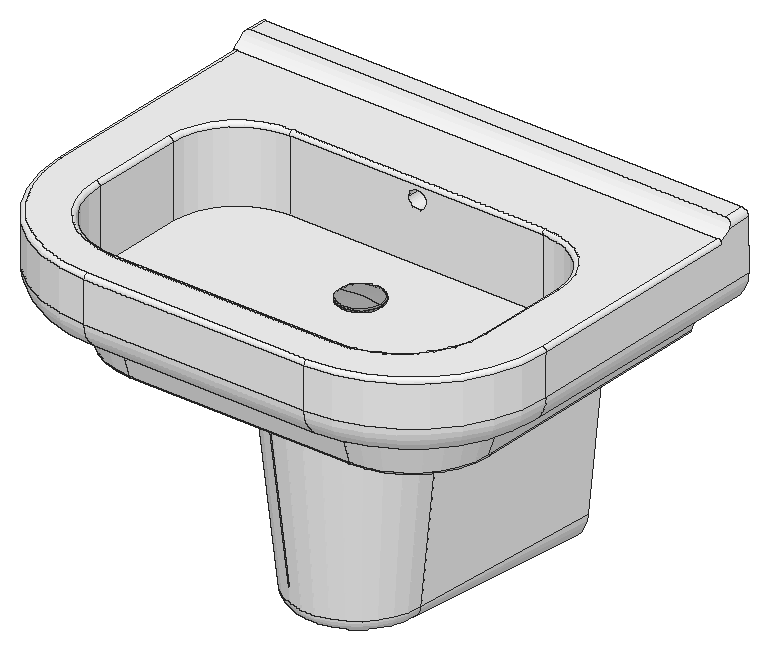
Revit family "NLRS_74_PF_UN_wastafel_S8300305000_SPHINX_BCB", category Plumbing Fixtures, Revit 2016
Family settings
  Part Type = Normal
  Round Connector Dimension = Use Radius
  OmniClass Number = 23.45.00.00
  OmniClass Title = Sanitary, Laundry, and Cleaning Equipment
  Work Plane-Based = No
  Always vertical = Yes
  Cut with Voids When Loaded = No
  Shared = No
  Room Calculation Point = No
Parameters (values of type "wastafel 55 cm zonder kraangat")
  NLRS_C_type = "Wastafel zonder kraangat en met overloop"
  NLRS_C_serie = "300 Basic"
  NLRS_C_revit_versie = "2016"
  NLRS_C_content_versie = "2.0"
  NLRS_C_content_provider = "BouwConnect"
  NLRS_C_content_datum_uitgifte = "APR-2018"
  NLRS_C_content_datum_gewijzigd = "APR-2018"
  NLRS_C_content_creator = "BouwConnect"
  NLRS_C_URL_product_data = "http://www.sphinx.nl/producten/wastafels-%7C-fonteinen/wastafels/sphinx-300-basic-%7C-wastafel-60-cm/27160/"
  Waste Connection = yes
  WFU = 0
  URL = "http://www.sphinx.nl/"
  Type Comments = ""
  NLRS_S_gewicht = 17.00 kg
  NLRS_C_materiaal = none
  NLRS_C_lengte = 475 mm
  NLRS_C_hoogte = 207 mm
  NLRS_C_diameter_uit = 45 mm
  NLRS_C_diameter_in = 35 mm
  NLRS_C_breedte = 600 mm
  Model = "300 wastafel 55 cm zonder kraangat"  # constant formula
  Manufacturer = "Sphinx"  # constant formula
  Keynote = ""
  IfcTypeProduct = "IfcSanitaryTerminalType"
  IfcExportType = "SINK"
  IfcExportAs = "IfcSanitaryTerminalTypeEnum"
  IfcElement = "IfcFlowTerminal"
  NLRS_C_code_EAN = "8711754218161"
  Description = "wastafel"
  CWFU = 0
  NLRS_C_URL_BCB = "http://bcb-online.nl/?zoekterm=Sphinx+++%5bGeberit+B.V.%5d"
  Assembly Code = "47.11"
Reference planes
  plane 1 "Center (Front/Back)": y = 0
  plane 2: z = 0
  plane 3 "Center (Left/Right)": x = 0
Forms (mm)
  Extrusion 1, solid, material "74_porcelein_wit", detail levels medium+fine
    sketch origin (-0.053, 0.036, 0) x (1, 0, 0) y (0, 1, 0)
      loop
        line (-300, -0.036) -> (-300, -335)
        arc (-300, -335) -> (-258.995, -433.995) -> (-160, -475) r 140
        line (-160, -475) -> (160, -475)
        arc (160, -475) -> (258.995, -433.995) -> (300, -335) r 140
        line (300, -335) -> (300, -0.036) -> (-300, -0.036)
    from -144.695 to 0
  Sweep 2, void, detail levels medium+fine
    path origin (-0.053, 0.036, 0) x (1, 0, 0) y (0, 1, 0)
      loop
        line (300, 0) -> (300, -310)
        arc (300, -310) -> (251.673, -426.673) -> (135, -475) r 165
        line (135, -475) -> (-135, -475)
        arc (-135, -475) -> (-251.673, -426.673) -> (-300, -310) r 165
        line (-300, -310) -> (-300, 0)
    profile origin (299.947, -154.964, 0) x (1, 0, 0) y (0, 0, 1)
      loop
        line (-125.534, -144.695) -> (-125.534, -205) -> (55, -205) -> (55, 21.495) -> (-5, 21.495) -> (-5, 0)
        arc (-5, 0) -> (-1.464, -1.464) -> (0, -5) r 5
        line (0, -5) -> (0, -54.55)
        arc (0, -54.55) -> (-10.837, -80.713) -> (-37, -91.55) r 37
        line (-37, -91.55) -> (-44.133, -91.55)
        arc (-44.133, -91.55) -> (-51.101, -93.781) -> (-55.479, -99.643) r 12
        line (-55.479, -99.643) -> (-70.063, -141.997)
        arc (-70.063, -141.997) -> (-71.522, -143.951) -> (-73.845, -144.695) r 4
        line (-73.845, -144.695) -> (-125.534, -144.695)
  Extrusion 3, void, detail levels medium+fine
    sketch origin (-0.053, 5.036, 0) x (1, 0, 0) y (0, 1, 0)
      loop
        arc (-156.664, -137.37) -> (-213.233, -160.801) -> (-236.664, -217.37) r 80
        line (-236.664, -217.37) -> (-236.664, -329.076)
        arc (-236.664, -329.076) -> (-207.375, -399.787) -> (-136.664, -429.076) r 100
        line (-136.664, -429.076) -> (133.336, -429.076)
        arc (133.336, -429.076) -> (204.047, -399.787) -> (233.336, -329.076) r 100
        line (233.336, -329.076) -> (233.336, -217.37)
        arc (233.336, -217.37) -> (209.904, -160.801) -> (153.336, -137.37) r 80
        line (153.336, -137.37) -> (-156.664, -137.37)
    from -91.55 to 100
  Blend 4, solid, material "74_porcelein_wit", detail levels medium+fine
    base sketch origin (999.947, 0, 0.437) x (1, 0, 0) y (0, 0, 1)
      loop
        line (-1128.74, -145.132) -> (-1103.133, -388.766)
        arc (-1103.133, -388.766) -> (-1088.491, -417.504) -> (-1058.38, -429.062) r 45
        line (-1058.38, -429.062) -> (-941.515, -429.062)
        arc (-941.515, -429.062) -> (-911.404, -417.504) -> (-896.762, -388.766) r 45
        line (-896.762, -388.766) -> (-871.155, -145.132) -> (-881.21, -145.132) -> (-906.707, -387.721)
        arc (-906.707, -387.721) -> (-918.096, -410.072) -> (-941.515, -419.062) r 35
        line (-941.515, -419.062) -> (-1058.38, -419.062)
        arc (-1058.38, -419.062) -> (-1081.799, -410.072) -> (-1093.188, -387.721) r 35
        line (-1093.188, -387.721) -> (-1118.685, -145.132) -> (-1128.74, -145.132)
    top sketch origin (999.947, 0, 0.437) x (1, 0, 0) y (0, 0, 1)
      loop
        line (-1103.728, -145.132) -> (-1076.841, -400.945)
        arc (-1076.841, -400.945) -> (-1070.984, -412.44) -> (-1058.939, -417.063) r 18
        line (-1058.939, -417.063) -> (-940.95, -417.063)
        arc (-940.95, -417.063) -> (-928.906, -412.44) -> (-923.049, -400.945) r 18
        line (-923.049, -400.945) -> (-896.162, -145.132) -> (-906.217, -145.132) -> (-932.994, -399.899)
        arc (-932.994, -399.899) -> (-935.597, -405.008) -> (-940.95, -407.063) r 8
        line (-940.95, -407.063) -> (-1058.939, -407.063)
        arc (-1058.939, -407.063) -> (-1064.293, -405.008) -> (-1066.896, -399.899) r 8
        line (-1066.896, -399.899) -> (-1093.673, -145.132) -> (-1103.728, -145.132)
    from 0 to 224
  Revolve 5, solid, material "74_porcelein_wit", detail levels medium+fine
    sketch origin (999.947, -224, 0.487) x (1, 0, 0) y (0, 0, 1)
      loop
        line (-923.049, -400.945) -> (-896.162, -145.132) -> (-906.217, -145.132) -> (-932.994, -399.899)
        arc (-932.994, -399.899) -> (-935.597, -405.008) -> (-940.95, -407.063) r 8
        line (-940.95, -407.063) -> (-999.947, -407.063) -> (-999.947, -417.063) -> (-940.95, -417.063)
        arc (-940.95, -417.063) -> (-928.906, -412.44) -> (-923.049, -400.945) r 18
      axis (-999.947, -145.132) -> (-999.947, -417.063)
    angle from 180 to 360
  Sweep 6, void, detail levels medium+fine
    path origin (-0.053, 5.036, 0) x (1, 0, 0) y (0, 1, 0)
      loop
        arc (-156.664, -137.37) -> (-213.233, -160.801) -> (-236.664, -217.37) r 80
        line (-236.664, -217.37) -> (-236.664, -329.076)
        arc (-236.664, -329.076) -> (-207.375, -399.787) -> (-136.664, -429.076) r 100
        line (-136.664, -429.076) -> (133.336, -429.076)
        arc (133.336, -429.076) -> (204.047, -399.787) -> (233.336, -329.076) r 100
        line (233.336, -329.076) -> (233.336, -217.37)
        arc (233.336, -217.37) -> (209.904, -160.801) -> (153.336, -137.37) r 80
        line (153.336, -137.37) -> (-156.664, -137.37)
    profile origin (-1.717, -132.334, 0) x (0, 1, 0) y (0, 0, 1)
      loop
        arc (0, -5) -> (1.464, -1.464) -> (5, 0) r 5
        line (5, 0) -> (5, 10) -> (-10, 10) -> (-10, -5) -> (0, -5)
  Extrusion 7, solid, material "74_porcelein_wit", detail levels coarse
    sketch origin (0, 0, 0) x (1, 0, 0) y (0, 1, 0)
      loop
        line (-300, 0) -> (-300, -335)
        arc (-300, -335) -> (-258.995, -433.995) -> (-160, -475) r 140
        line (-160, -475) -> (160, -475)
        arc (160, -475) -> (258.995, -433.995) -> (300, -335) r 140
        line (300, -335) -> (300, 0) -> (-300, 0)
    from -144.695 to 0
  Extrusion 8, void, detail levels coarse
    sketch origin (0, 0, 0) x (1, 0, 0) y (0, 1, 0)
      loop
        arc (-156.664, -137.37) -> (-213.233, -160.801) -> (-236.664, -217.37) r 80
        line (-236.664, -217.37) -> (-236.664, -329.076)
        arc (-236.664, -329.076) -> (-207.375, -399.787) -> (-136.664, -429.076) r 100
        line (-136.664, -429.076) -> (133.336, -429.076)
        arc (133.336, -429.076) -> (204.047, -399.787) -> (233.336, -329.076) r 100
        line (233.336, -329.076) -> (233.336, -217.37)
        arc (233.336, -217.37) -> (209.904, -160.801) -> (153.336, -137.37) r 80
        line (153.336, -137.37) -> (-156.664, -137.37)
    from -50 to 16.276
  Extrusion 9, solid, material "74_porcelein_wit", detail levels medium+fine
    sketch origin (-1406.142, 0, 0) x (1, 0, 0) y (0, 0, 1)
      loop
        line (1698.09, 16.276) -> (1114.09, 16.276)
        arc (1114.09, 16.276) -> (1108.433, 13.933) -> (1106.09, 8.276) r 8
        line (1106.09, 8.276) -> (1106.09, -54.55)
        arc (1106.09, -54.55) -> (1116.927, -80.713) -> (1143.09, -91.55) r 37
        line (1143.09, -91.55) -> (1669.09, -91.55)
        arc (1669.09, -91.55) -> (1695.253, -80.713) -> (1706.09, -54.55) r 37
        line (1706.09, -54.55) -> (1706.09, 8.276)
        arc (1706.09, 8.276) -> (1703.747, 13.933) -> (1698.09, 16.276) r 8
    from 0 to 40
  Extrusion 10, void
    sketch origin (0, 0, 0) x (0, 1, 0) y (0, 0, 1)
      loop
        arc (-40, 0) -> (-29.755, 7.174) -> (-23.27, 17.868) r 30.371
        line (-23.27, 17.868) -> (-42.91, 17.868) -> (-42.91, 0) -> (-40, 0)
    from -311.866 to 371.756
  Extrusion 11, void
    sketch origin (-341.32, 0.365, 0) x (1, 0, 0) y (0, 1, 0)
      loop
        circle (341.268, -220.297) r 23
    from -200 to 50
  Revolve 12, solid, material "74_metaal_generiek", detail levels fine
    sketch origin (-678.82, -220, -35.919) x (1, 0, 0) y (0, 0, 1)
      loop
        line (678.796, -55) -> (678.796, -50)
        arc (678.796, -50) -> (666.186, -50.412) -> (653.653, -51.862) r 153.083
        arc (653.653, -51.862) -> (653.037, -52.206) -> (652.793, -52.868) r 1.018
        line (652.793, -52.868) -> (652.793, -54)
        arc (652.793, -54) -> (653.086, -54.707) -> (653.793, -55) r 1
        line (653.793, -55) -> (678.796, -55)
      axis (678.796, -55) -> (678.796, -50)
    angle from 0 to 360
  Extrusion 13, solid, material "74_porcelein_wit"
    sketch origin (-397.688, 242.163, 0) x (1, 0, 0) y (0, 1, 0)
      loop
        circle (397.636, -462.163) r 40
    from -181.695 to -144.644
  Extrusion 14, void
    sketch origin (-125.666, 0, -208.688) x (1, 0, 0) y (0, 0, 1)
      loop
        circle (125.666, 188.688) r 11
    from 106.331 to 143.192
  Extrusion 15, solid, not visible
    sketch origin (0, 0, -161.695) x (1, 0, 0) y (0, 1, 0)
      loop
        circle (-0.053, -219.932) r 22.5
    from 0 to 5
  Extrusion 16, solid, not visible
    sketch origin (0, 0, -181.695) x (1, 0, 0) y (0, 1, 0)
      loop
        circle (-0.053, -219.932) r 22.5
    from 0 to 5
Cuts and joins
  Sweep 2, Extrusion 3, Sweep 6, Extrusion 11, Extrusion 14 cuts Extrusion 1
  Extrusion 10, Extrusion 11, Extrusion 14 cuts Extrusion 9
  joined: Extrusion 1, Extrusion 9
  Extrusion 8 cuts Extrusion 7
  Extrusion 11 cuts Extrusion 13
Dimensions and locks
  aligned and locked: level to plane 2
Connectors
  piping at (-0.053, -219.932, -181.695), diameter 50, driven by "WFU"
    settings: on Extrusion 16, index 1, connector inside diameter 50 mm, connector length 0 mm, flow factor 0, pipe flow 0.0 L/s, pressure drop 0.0 Pa, fitting loss kfactor 0, connector angle 0.00°, fixture units 0, engagement length 0 mm, angle of deflection 0.00°, flow configuration 3, flow direction 2, fitting loss method 0, system type 16, joint type 0, gender type 0, connector reference index -1, connector utility 0, adjustable connector no, is connector primary yes, connector description "out"
